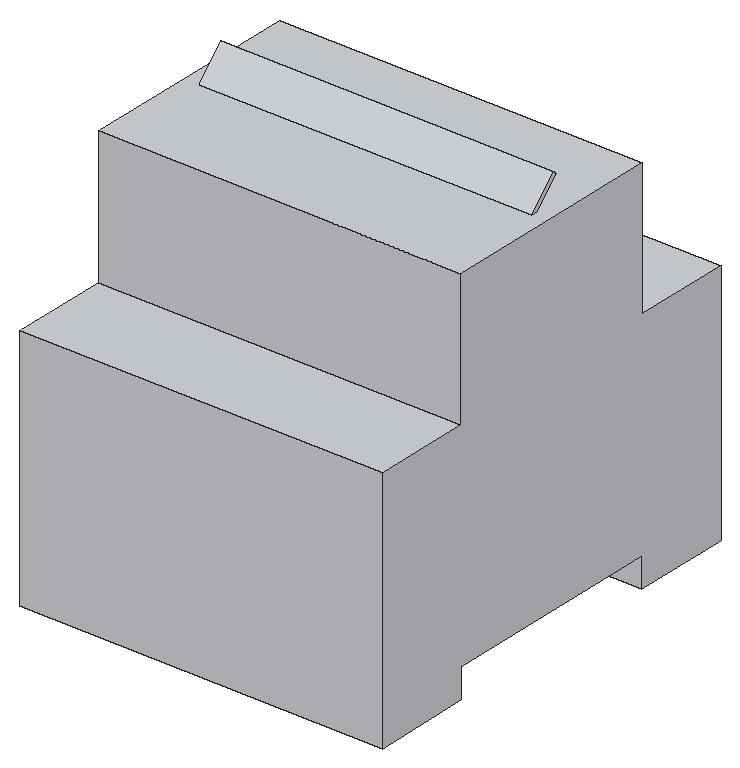
Revit family "Power-ModularDevices-GEWISS-90AM-SWITCH_DISCONNECTOR_4P", category Apparecchi elettrici, host Superficie, Revit 2016
Family settings
  Host = Superficie
  Mantenere orientamento annotazione = Sì
  Tipo di parte = Normale
  Quota connettore circolare = Usa diametro
  Numero OmniClass = 23.80.50.00
  Titolo OmniClass = Terminals for Power Supply
  Taglio con vuoti quando caricato = No
  Condiviso = No
  Punto di calcolo locali = Sì
Parameters (values of type "GW96179 - SWITCH DISCONNECTOR 4P 125A")
  potenza in watt = 0 V
  carico = Altro
  Version file RFA = "18.0"
  URL = "https://www.gewiss.com/ww/en"
  Technical sheet = "https://www.gewiss.com/ww/en/search?q=GW96179"
  Standard = "EN 60947-3"
  Spostamento_x = -340 mm
  SS [instance] = 70 mm  # constant formula
  SIMBOLO IN PIANTA [instance] = yes
  SEO = "Disconnector"
  Realized by GEWISS S.p.A. = ""
  Rated voltage AC = "415V"
  Rated voltage = "415Vac"
  Rated current: = "125A"
  Rated current (In) = "125A"
  Default Elevation = 1219.2 mm
  Produttore = "GEWISS S.p.A."
  Numero di poli = 3
  Spost_x_eff [instance] = 4000 mm + Spostamento_x  # 3660 mm
  Number of poles = "4P"
  No. of poles = "4P"
  No. of modules EN 50022 = "4"
  No. Chorus modules = "4"
  Modello = "GW96179"
  Immagine tipo = GW96134.jpg
  IFC.TypeObject = ""
  IFC.ExportType = ""
  IFC.ExportAs = ""
  IDT = "fdf7da26-c6e5-4906-8e65-8ea3b9be747a"
  IDF = "430158d9-1433-4288-b99a-0bbaab83fd28"
  Electrocod = "1422"
  EAN code = "8011564131774"
  Descrizione = "SWITCH DISCONNECTOR 4P 125A"
  Catalogue Range = "90 AM"
  Catalogue = "POWER"
  COBie.Tagnumber = ""
  COBie.CreatedOn = ""
  COBie.CreatebBy = ""
  COBie.ComponentRegisterItemID = ""
  COBie.Component.TagNumber = ""
  COBie.Component.Space = ""
  COBie.Component.SerialNumber = ""
  COBie.Component.InstallationDate = ""
  COBie.Component.Description = ""
  COBie.Component.BarCode = ""
  Barra_DIN [instance] = 0 mm
Types (7, lengths in mm): name | URL | Technical sheet | Rated current: | Rated current (In) | Produttore | Modello | IDT | EAN code | Descrizione
  (no name) | 0 | "" | "" | "" | "GEWISS" | "GW96134" | "" | "" | "INTER.MANOVRA - SEZIONATORE 4P 32A"
  GW96179 - SWITCH DISCONNECTOR 4P 125A | "https://www.gewiss.com/ww/en" | "https://www.gewiss.com/ww/en/search?q=GW96179" | "125A" | "125A" | "GEWISS S.p.A." | "GW96179" | "fdf7da26-c6e5-4906-8e65-8ea3b9be747a" | "8011564131774" | "SWITCH DISCONNECTOR 4P 125A"
  GW96178 - SWITCH DISCONNECTOR 4P 100A | "https://www.gewiss.com/ww/en" | "https://www.gewiss.com/ww/en/search?q=GW96178" | "100A" | "100A" | "GEWISS S.p.A." | "GW96178" | "e5e57c43-190c-49cf-97c6-b2aadfe5451b" | "8011564131767" | "SWITCH DISCONNECTOR 4P 100A"
  GW96177 - SWITCH DISCONNECTOR 4P 80A | "https://www.gewiss.com/ww/en" | "https://www.gewiss.com/ww/en/search?q=GW96177" | "80A" | "80A" | "GEWISS S.p.A." | "GW96177" | "7c15f6d9-a246-49fe-8c58-e79589579fb4" | "8011564131750" | "SWITCH DISCONNECTOR 4P 80A"
  GW96176 - SWITCH DISCONNECTOR 4P 63A | "https://www.gewiss.com/ww/en" | "https://www.gewiss.com/ww/en/search?q=GW96176" | "63A" | "63A" | "GEWISS S.p.A." | "GW96176" | "6323155a-2e7b-4945-a413-a20e7c41ca94" | "8011564131743" | "SWITCH DISCONNECTOR 4P 63A"
  GW96135 - SWITCH DISCONNECTOR 4P 40A | "https://www.gewiss.com/ww/en" | "https://www.gewiss.com/ww/en/search?q=GW96135" | "40A" | "40A" | "GEWISS S.p.A." | "GW96135" | "144a9cd7-9f95-495b-b024-6fd8434b290f" | "8011564110465" | "SWITCH DISCONNECTOR 4P 40A"
  GW96134 - SWITCH DISCONNECTOR 4P 32A | "https://www.gewiss.com/ww/en" | "https://www.gewiss.com/ww/en/search?q=GW96134" | "32A" | "32A" | "GEWISS S.p.A." | "GW96134" | "8dba0cf7-db35-4089-9e0a-f5185ccfe3a7" | "8011564110458" | "SWITCH DISCONNECTOR 4P 32A"
Values of the unnamed type that differ from the named types
  Version file RFA = ""
  Standard = ""
  SEO = ""
  Rated voltage AC = ""
  Rated voltage = ""
  Number of poles = ""
  No. of poles = ""
  No. of modules EN 50022 = ""
  No. Chorus modules = ""
  IDF = ""
  Electrocod = ""
  Catalogue Range = ""
  Catalogue = ""
Reference planes
  plane 1 "Centro (Fronte/Retro)": y = 0
  plane 2: z = 0
  plane 3 "Centro (Sinistra/Destra)": x = 0
  plane 4: z = 0
Dimensions and locks
  "Barra_DIN": host face to plane 4
  aligned and locked: plane 2 to host face
  aligned and locked: level to host face
  aligned and locked: plane 3 "Centro (Sinistra/Destra)" to nested 1
  aligned and locked: plane 1 "Centro (Fronte/Retro)" to nested 1
Automatic sketch dimensions
  host sketch curve to host sketch curve = 6519.2 mm
  host sketch curve to host sketch curve = 4328.142 mm
Nested families
  nested 1: "GENERICO - 90AM SEZIONATORI 4P" at (0, 0, 7), type "GENERICO - 90AM SEZIONATORI 4P"
  nested 2: "MANOVRA" at (0, 70, 0), visible <- "SIMBOLO IN PIANTA", type "MANOVRA"
Connectors
  electrical at (0, 42, 25.5)
    settings: on nested 1, index 1, voltage 400 V, apparent load 0 VA, apparent load phase1 0 VA, apparent load phase2 0 VA, apparent load phase3 0 VA, power factor 1, load classification "Altro", number of poles 1, system type 31, power factor state 1, is connector primary yes, connector utility no, sub classification motor no, connector description ""
Definition of nested family "GENERICO - 90AM SEZIONATORI 4P"
  Parameters (values of type "GENERICO - 90AM SEZIONATORI 4P")
    h_barra din = if(Altezza barre = 1 mm, 69.9 mm, if(Altezza barre = 2 mm, 115.8 mm, 0 mm))  # 0 mm
    Default Elevation = 1219.2 mm
    H = if(AB_O = 1, AB_V, if(AB_O = 2, AB_H, 50.8 mm))  # 50.8 mm
    FINITURA = none
    Dist barra din = 0 mm  # constant formula
    C1 = 49 mm  # constant formula
    C = 70 mm  # constant formula
    B = 84 mm  # constant formula
    Altezza barre = 5 mm  # constant formula
    AB_V = 3 mm  # constant formula
    AB_H = 5 mm  # constant formula
    AB_O = 0  # constant formula
    A = 72 mm  # constant formula
  Reference planes
    plane 1 "Centro (Fronte/Retro)": y = 0
    plane 2: z = 0
    plane 3 "Centro (Sinistra/Destra)": x = 0
    plane 4: y = -42
    plane 5: y = 42
    plane 6: z = 0
    plane 7: z = -6
    plane 8 "top": z = 70
    plane 9 "incasso": z = 43
    plane 10: y = -22.5
    plane 11: y = 22.5
    plane 12: x = -36
    plane 13: x = 36
    plane 14: through (4267.2, -42.5, 9) normal (0, -0.1901, 0.9818)
    plane 15 "POSIZIONE": z = 70
    plane 16: y = 3.75
    plane 17: y = -3.75
    plane 18: through (-18, -1524, 18.5) normal (-0.891, 0, -0.454)
    plane 19: through (-36.892, 84.001, 1200) normal (0.9205, -0.3907, 0)
    plane 20: through (63.319, -123.627, 1200) normal (-0.9925, 0.1219, 0)
    plane 21: x = -20.109
    plane 22: z = 65
    plane 23: x = -33.109
    plane 24: x = 33.109
    plane 25: x = 27.109
    plane 26: x = 3.641
  Forms (mm)
    Extrusion 1, solid, material <- "FINITURA"
      sketch origin (0, 0, 0) x (0, 1, 0) y (0, 0, 1)
        loop
          line (-22.5, 0) -> (22.5, 0) -> (22.5, -6) -> (42, -6) -> (42, 43) -> (22.5, 43) -> (22.5, 70) -> (-22.5, 70) -> (-22.5, 43) -> (-42, 43) -> (-42, -6) -> (-22.5, -6) -> (-22.5, 0)
      from -36 to 36
    Extrusion 2, solid
      sketch origin (0, 0, 0) x (0, 1, 0) y (0, 0, 1)
        loop
          line (0, 70) -> (4.778, 74.778) -> (4.175, 75.38) -> (-1.206, 70) -> (0, 70)
      from 33.109 to -33.109
  Lines and regions (mm)
    symbolic lines
      curve 1: line (0, 0, 15) -> (0, 0, -6)
      curve 2: line (0, -22.5, 0) -> (0, 22.5, 0)
    model lines
      curve 3: line (-36, 42, 43) -> (-36, 22.5, 43)
      curve 4: line (36, 42, 43) -> (36, 22.5, 43)
      curve 11: line (15.021, 1.089, 70) -> (15.021, -8.666, 70)
      curve 12: line (-36, -8.666, 70) -> (36, -8.666, 70)
      curve 13: line (30.497, 10.589, 70) -> (35.772, 8.396, 70)
      curve 14: line (35.772, 1.089, 70) -> (-35.772, 1.089, 70)
      curve 15: line (-35.772, 8.396, 70) -> (-30.497, 10.589, 70)
      curve 16: line (32.562, 1.089, 70) -> (32.562, -8.666, 70)
      curve 17: line (-33.046, -8.666, 70) -> (-33.046, 1.089, 70)
      curve 18: line (-15.228, -8.666, 70) -> (-15.228, 1.089, 70)
      curve 19: line (1.837, -8.666, 70) -> (1.837, 1.089, 70)
      curve 20: line (19.633, -8.666, 70) -> (19.633, 1.089, 70)
      curve 21: line (-2.621, -8.666, 70) -> (-2.621, 1.089, 70)
      curve 22: line (-20.149, -8.666, 70) -> (-20.149, 1.089, 70)
      curve 23: line (-36, 10.589, 70) -> (36, 10.589, 70)
    model lines, detail levels medium+fine
      curve 5: circle (-25.205, 33.391, 43) r 2.61 normal (0, 0, 1)
      curve 6: circle (25.877, 33.469, 43) r 2.499 normal (0, 0, 1)
      curve 7: circle (25.877, -33.109, 43) r 2.533 normal (0, 0, 1)
      curve 8: circle (-25.205, -33.109, 43) r 2.711 normal (0, 0, 1)
      curve 9: circle (-7.5, 33.391, 43) r 2.61 normal (0, 0, 1)
      curve 10: circle (-7.5, -33.109, 43) r 2.711 normal (0, 0, 1)
      curve 24: circle (9.941, 33.522, 43) r 2.499 normal (0, 0, 1)
      curve 25: circle (9.941, -33.212, 43) r 2.533 normal (0, 0, 1)
  Text (mm)
    text "AB_V" at (0, 50.868, 44.72), in view "Destra"
    text "AB_O" at (0, -80.659, 111.963), in view "Destra"
    text "AB_O" at (-90.351, 0, 31.414), in view "Anteriore"
    text "AB_V=0" at (25.467, -49.469, 0), in view "Livello rif."
  Dimensions and locks
    equal spacing: plane 4, plane 1 "Centro (Fronte/Retro)", plane 5
    "B": plane 4 to plane 5
    "Dist barra din": plane 6 to level
    locked: plane 6 to plane 7 at 6
    "C": plane 15 "POSIZIONE" to plane 6
    equal spacing: plane 10, plane 1 "Centro (Fronte/Retro)", plane 11
    plane 10 to plane 11 = 45 mm
    equal spacing: plane 12, plane 3 "Centro (Sinistra/Destra)", plane 13
    "A": plane 12 to plane 13
    "C1": plane 9 "incasso" to plane 7
    plane 12 to plane 13 = 72 mm
    equal spacing: plane 17, plane 1 "Centro (Fronte/Retro)", plane 16
    plane 17 to plane 16 = 7.5 mm
    locked: plane 15 "POSIZIONE" to plane 22 at 5
    locked: plane 12 to plane 23 at 2.891
    locked: plane 24 to plane 13 at 2.891
    plane 23 to plane 21 = 13 mm
    plane 25 to plane 24 = 6 mm
    plane 3 "Centro (Sinistra/Destra)" to plane 26 = 3.641 mm
    angle level to plane 14 = 10.9557°
    angle plane 4 to plane 8 "top" = 90.00°
    angle plane 15 "POSIZIONE" to plane 13 = 90.00°
    angle plane 7 to plane 18 = 117.00°
    angle plane 19 to plane 20 = 16.00°
    angle plane 20 to plane 13 = 7.00°
    angle plane 19 to plane 12 = 23.00°
    aligned and locked: level to plane 2
    aligned and locked: Extrusion 1 sketch curve to plane 6
    aligned and locked: Extrusion 1 sketch curve to plane 7
    aligned and locked: Extrusion 1 sketch curve to plane 4
    aligned and locked: Extrusion 1 sketch curve to plane 9 "incasso"  (x2)
    aligned and locked: Extrusion 1 sketch curve to plane 11  (x2)
    aligned and locked: Extrusion 1 sketch curve to plane 5
    aligned and locked: Extrusion 1 sketch curve to plane 10  (x2)
    aligned and locked: plane 1 "Centro (Fronte/Retro)" to curve 1
    aligned and locked: Extrusion 1 to plane 6
    aligned and locked: Extrusion 1 to plane 12
    aligned and locked: plane 13 to Extrusion 1
    aligned and locked: plane 15 "POSIZIONE" to Extrusion 1 sketch curve
  Automatic sketch dimensions
    curve 2 to level = 0 mm
    curve 2 to plane 10 = 0 mm
    curve 2 to plane 11 = 0 mm
    curve 1 to plane 7 = 0 mm
    level to curve 1 = 15 mm
    Extrusion 1 sketch curve to plane 7 = 0 mm
    Extrusion 2 sketch curve to plane 8 "top" = 0 mm
    Extrusion 2 sketch curve to plane 1 "Centro (Fronte/Retro)" = 0 mm
    plane 1 "Centro (Fronte/Retro)" to Extrusion 2 sketch curve = 1.206 mm
    Extrusion 2 sketch curve to plane 16 = 0.425 mm
    Extrusion 2 sketch curve to Extrusion 2 sketch curve = 0.603 mm
    curve 4 to plane 5 = 0 mm
    curve 3 to plane 5 = 0 mm
    curve 3 to plane 11 = 0 mm
    curve 4 to plane 11 = 0 mm
    curve 3 to plane 12 = 0 mm
    curve 4 to plane 13 = 0 mm
    curve 24 to plane 5 = 8.478 mm
    plane 25 to curve 6 = 1.232 mm
    curve 6 to plane 5 = 8.531 mm
    curve 5 to plane 5 = 8.609 mm
    curve 9 to plane 5 = 8.609 mm
    plane 4 to curve 25 = 8.788 mm
    plane 4 to curve 8 = 8.891 mm
    plane 25 to curve 7 = 1.232 mm
    plane 4 to curve 7 = 8.891 mm
    plane 4 to curve 10 = 8.891 mm
    curve 5 to plane 21 = 5.096 mm
    curve 8 to plane 21 = 5.096 mm
    curve 9 to plane 3 "Centro (Sinistra/Destra)" = 7.5 mm
    curve 10 to plane 3 "Centro (Sinistra/Destra)" = 7.5 mm
    curve 25 to plane 26 = 6.3 mm
    curve 24 to plane 26 = 6.3 mm
    curve 12 to plane 12 = 0 mm
    curve 23 to plane 12 = 0 mm
    curve 23 to plane 13 = 0 mm
    curve 12 to plane 13 = 0 mm
    plane 12 to curve 15 = 0.228 mm
    curve 14 to plane 13 = 0.228 mm
    curve 14 to plane 1 "Centro (Fronte/Retro)" = 1.089 mm
    curve 13 to plane 16 = 4.646 mm
    curve 15 to plane 16 = 4.646 mm
    plane 23 to curve 17 = 0.063 mm
    plane 23 to curve 15 = 2.612 mm
    curve 22 to plane 21 = 0.04 mm
    plane 21 to curve 18 = 4.881 mm
    curve 21 to plane 3 "Centro (Sinistra/Destra)" = 2.621 mm
    plane 26 to curve 19 = 1.805 mm
    curve 11 to plane 26 = 11.38 mm
    curve 11 to curve 20 = 4.612 mm
    plane 24 to curve 13 = 2.612 mm
    plane 24 to curve 16 = 0.547 mm
    plane 17 to curve 19 = 4.916 mm
    curve 13 to curve 13 = 2.193 mm
    curve 13 to plane 13 = 0.228 mm
    plane 12 to curve 14 = 0.228 mm
    radius of curve 5 = 2.61 mm
    radius of curve 6 = 2.499 mm
    radius of curve 7 = 2.533 mm
    radius of curve 8 = 2.711 mm
    radius of curve 9 = 2.61 mm
    radius of curve 10 = 2.711 mm
    radius of curve 24 = 2.499 mm
    radius of curve 25 = 2.533 mm
Definition of nested family "MANOVRA"
  Reference planes
    plane 1: y = 0
    plane 2: x = 0
  Lines and regions (mm)
    detail lines, not visible
      curve 1: line (0, 0, 0) -> (-0.001, 3.334, 0)
      curve 2: line (0.277, 3.334, 0) -> (-0.278, 3.334, 0)
      curve 3: line (-0.278, 3.334, 0) -> (-0.001, 4.223, 0)
      curve 4: line (-0.001, 4.223, 0) -> (0.277, 3.334, 0)
      curve 5: line (0.277, 3.334, 0) -> (-0.001, 4.223, 0)
      curve 6: line (-0.001, 4.223, 0) -> (-0.278, 3.334, 0)
      curve 7: line (-0.278, 3.334, 0) -> (0.277, 3.334, 0)
      curve 8: line (0.277, 3.334, 0) -> (-0.001, 4.223, 0)
      curve 9: line (-0.001, 4.223, 0) -> (-0.278, 3.334, 0)
      curve 10: line (-0.445, 4.612, 0) -> (0.444, 4.612, 0)
      curve 11: line (0.444, 4.612, 0) -> (0.444, 2.39, 0)
      curve 12: line (0.444, 2.39, 0) -> (-0.445, 2.389, 0)
      curve 13: line (-0.445, 2.389, 0) -> (-0.445, 4.612, 0)
      curve 18: line (5.101, 5.36, 0) -> (5.101, 6.027, 0)
      curve 19: line (4.934, 5.36, 0) -> (5.268, 5.36, 0)
      curve 20: line (4.545, 5.249, 0) -> (5.101, 4.082, 0)
      curve 21: line (5.101, 4.082, 0) -> (5.101, 1.026, 0)
    detail lines
      curve 14: line (0, 4.334, 0) -> (0, 5.001, 0)
      curve 15: line (-0.167, 4.334, 0) -> (0.167, 4.334, 0)
      curve 16: line (-0.556, 4.223, 0) -> (0, 3.056, 0)
      curve 17: line (0, 3.056, 0) -> (0, 0, 0)
  Dimensions and locks
    aligned and locked: plane 1 to curve 17
    aligned and locked: curve 17 to plane 2
